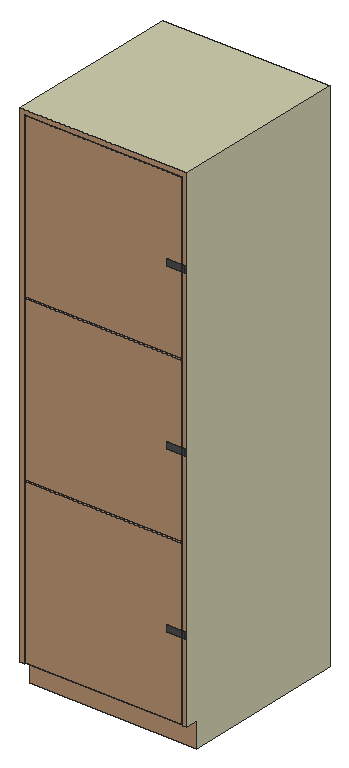
Revit family "Cabinet_Wenger_UltraStor_10", category Furniture, Revit 2015
Parameters (values of type "UltraStor Cabinet #10 - Comp Wood Doors")
  URL = "https://www.wengercorp.com/"
  Type Comments = ""
  Specification = "http://www.arcat.com/sdspecs/htm04/12_35_83wen.htm"
  Shelf Thickness = 0' - 1 1/8"
  Sales Information = "https://www.wengercorp.com/contact-us.php"
  Revision = "R1_2018-04"
  Rear Panel Thickness = 0' - 0 3/4"
  Product Data = "http://www.arcat.com/arcatcos/cos36/arc36487.html"
  Manufacturer Website = "https://www.wengercorp.com/"
  Manufacturer Phone - Toll Free = "800-4WENGER"
  Manufacturer Phone = "(507) 455-4100"
  Manufacturer Fax = "(507) 455-4258"
  Manufacturer Address = "555 Park Dr., Owatonna, MN 55060"
  Keynote = "12 35 83"
  HasDoors = yes
  Green Building-LEED = "http://www.arcat.com/green/clients/leed_data_36487.html"
  Drawn By = "Sumex Design, Inc. / Robert S. Weygant, CSI, CDT, SCIP"
  Door Width = (Cabinet Width - 0' 3") / 3  # 0' - 8.16667"
  Door Style = Door_Base : Solid Door
  Door Material [instance] = Wenger Cherry (Use Cherry Edge Band Only)
  Door Height = (Cabinet Height - 0' 4 3/4") / 5  # 1' - 4.175"
  Toe Kick Material [instance] = Wenger Cherry (Use Cherry Edge Band Only)
  RH End Panel [instance] = no
  Model = "#10"
  Manufacturer = "Wenger Corporation"
  LH End Panel [instance] = no
  End Panel Material [instance] = Wenger Cherry (Use Cherry Edge Band Only)
  Edge Banding Material [instance] = Wenger Cherry (Use Cherry Edge Band Only)
  Cost = 0
  Copyright = "© 2018 Arcat Inc."
  Construction Details = "http://www.arcat.com/details/wengerco/wengerco.html?coid=36487"
  Body Material [instance] = Wenger - Oyster
  Description = "Wenger UltraStor Cabinet #10 - Comp Wood Doors"
  Cabinet Width = 2' - 3 1/2"
  Cabinet Height = 7' - 1 5/8"
  Installed Depth = 2' - 5 1/4"
  Cabinet Panel Thickness = 0' - 0 3/4"
  Assembly Code = "E2010200"
Types (14): name | Shelf Thickness | Rear Panel Thickness | HasDoors | Door Width | Door Style | Door Material | Model | Description | Cabinet Width | Installed Depth
  Acoustic Cabinet #10 - No Doors | 0' - 1.26667" | 0' - 3 1/4" | no | 0' - 8.16667" | Door_Base : Solid Door | none | "#10A" | "Wenger Acoustic Cabinet #10 - No Doors" | 2' - 3 1/2" | 2' - 7 3/4"
  Narrow Acoustic Cabinet #10 - No Doors | 0' - 1 1/8" | 0' - 3 1/4" | no | 0' - 6.16667" | Door_Base : Solid Door | none | "#10NA" | "Wenger Narrow Acoustic Cabinet #10 - No Doors" | 1' - 9 1/2" | 2' - 7 3/4"
  Narrow Acoustic Cabinet #10 - Comp Grille Doors | 0' - 1 1/8" | 0' - 3 1/4" | yes | 0' - 6.16667" | Door_Base : Bars | Painted Black | "#10NA" | "Wenger Narrow Acoustic Cabinet #10 - Comp Grille Doors" | 1' - 9 1/2" | 2' - 7 3/4"
  Acoustic Cabinet #10 - Comp Waterfall Grille Doors | 0' - 1 1/8" | 0' - 3 1/4" | yes | 0' - 8.16667" | Door_Base : Waterfall | Painted Black | "#10A" | "Wenger Acoustic Cabinet #10 - Comp Waterfall Grille Doors" | 2' - 3 1/2" | 2' - 7 3/4"
  Acoustic Cabinet #10 - Comp Grille Doors | 0' - 1 1/8" | 0' - 3 1/4" | yes | 0' - 8.16667" | Door_Base : Bars | Painted Black | "#10A" | "Wenger Acoustic Cabinet #10 - Comp Grille Doors" | 2' - 3 1/2" | 2' - 7 3/4"
  Narrow Acoustic Cabinet #10 - Comp Waterfall Grille Doors | 0' - 1 1/8" | 0' - 3 1/4" | yes | 0' - 6.16667" | Door_Base : Waterfall | Painted Black | "#10NA" | "Wenger Narrow Acoustic Cabinet #10 - Comp Waterfall Grille Doors" | 1' - 9 1/2" | 2' - 7 3/4"
  Narrow UltraStor Cabinet #10 - Comp Waterfall Grille Doors | 0' - 1 1/8" | 0' - 0 3/4" | yes | 0' - 6.16667" | Door_Base : Waterfall | Painted Black | "#10N" | "Wenger Narrow Cabinet #10 - Comp Waterfall Grille Doors" | 1' - 9 1/2" | 2' - 5 1/4"
  Narrow UltraStor Cabinet #10 - Comp Wood Doors | 0' - 1 1/8" | 0' - 0 3/4" | yes | 0' - 6.16667" | Door_Base : Solid Door | Wenger Cherry (Use Cherry Edge Band Only) | "#10N" | "Wenger Narrow Cabinet #10 - Comp Wood Doors" | 1' - 9 1/2" | 2' - 5 1/4"
  UltraStor Cabinet #10 - Comp Waterfall Grille Doors | 0' - 1 1/8" | 0' - 0 3/4" | yes | 0' - 8.16667" | Door_Base : Waterfall | Painted Black | "#10" | "Wenger UltraStor Cabinet #10 - Comp Waterfall Grille Doors" | 2' - 3 1/2" | 2' - 5 1/4"
  UltraStor Cabinet #10 - Comp Grille Doors | 0' - 1 1/8" | 0' - 0 3/4" | yes | 0' - 8.16667" | Door_Base : Bars | Painted Black | "#10" | "Wenger UltraStor Cabinet #10 - Comp Grille Doors" | 2' - 3 1/2" | 2' - 5 1/4"
  UltraStor Cabinet #10 - No Doors | 0' - 1.26667" | 0' - 0 3/4" | no | 0' - 8.16667" | Door_Base : Solid Door | none | "#10" | "Wenger UltraStor Cabinet #10 - No Doors" | 2' - 3 1/2" | 2' - 5 1/4"
  Narrow UltraStor Cabinet #10 - No Doors | 0' - 1 1/8" | 0' - 0 3/4" | no | 0' - 6.16667" | Door_Base : Solid Door | none | "#10N" | "Wenger Narrow Cabinet #10 - No Doors" | 1' - 9 1/2" | 2' - 5 1/4"
  Narrow UltraStor Cabinet #10 - Comp Grille Doors | 0' - 1 1/8" | 0' - 0 3/4" | yes | 0' - 6.16667" | Door_Base : Bars | Painted Black | "#10N" | "Wenger Narrow Cabinet #10 - Comp Grille Doors" | 1' - 9 1/2" | 2' - 5 1/4"
  UltraStor Cabinet #10 - Comp Wood Doors | 0' - 1 1/8" | 0' - 0 3/4" | yes | 0' - 8.16667" | Door_Base : Solid Door | Wenger Cherry (Use Cherry Edge Band Only) | "#10" | "Wenger UltraStor Cabinet #10 - Comp Wood Doors" | 2' - 3 1/2" | 2' - 5 1/4"
Reference planes (in)
  plane 1 "Front": y = 0
  plane 2: z = 0
  plane 3 "Left": x = 0
  plane 4 "Right": x = 27.5
  plane 5 "Back": y = 29.25
  plane 6 "Top": z = 85.625
  plane 7: z = 4
  plane 8: z = 30.95833
  plane 9: z = 57.91667
  plane 10: x = 0.75
  plane 11: x = 26.75
  plane 12: z = 84.875
  plane 13: x = 8.91667
  plane 14: x = 9.66667
  plane 15: x = 17.83333
  plane 16: x = 18.58333
  plane 17: y = 28.5
  plane 18: y = 2
  plane 19: y = 0.75
  plane 20: z = 32.08333
  plane 21: z = 59.04167
  plane 22: z = 5.125
Forms (in)
  Extrusion 1, solid, material "Wenger - Oyster" <- "Body Material"
    sketch origin (0, 0, 0) x (0, 1, 0) y (0, 0, 1)
      loop
        line (0, 85.625) -> (0, 4) -> (2, 4) -> (2, 0) -> (29.25, 0) -> (29.25, 85.625) -> (0, 85.625)
    from 0 to 27.5
  Extrusion 2, void
    sketch origin (0, 0, 0) x (0, 1, 0) y (0, 0, 1)
      loop
        line (-5.5, 84.875) -> (-5.5, 57.91667) -> (1.92236, 57.91667)
        arc (1.92236, 57.91667) -> (1.4983, 58.45738) -> (1.85997, 59.04167) r 0.60004
        line (1.85997, 59.04167) -> (28.5, 59.04167) -> (28.5, 84.875) -> (-5.5, 84.875)
    from 0.75 to 26.75
  Extrusion 3, void
    sketch origin (0, 0, 0) x (0, 1, 0) y (0, 0, 1)
      loop
        line (-5.5, 57.91667) -> (-5.5, 30.95833) -> (0.75, 30.95833)
        arc (0.75, 30.95833) -> (1.18296, 31.73421) -> (2, 32.08333) r 1.375
        line (2, 32.08333) -> (28.5, 32.08333) -> (28.5, 57.91667) -> (-5.5, 57.91667)
    from 0.75 to 26.75
  Extrusion 4, void
    sketch origin (0, 0, 0) x (0, 1, 0) y (0, 0, 1)
      loop
        line (0, 84.875) -> (0, 4) -> (0.0625, 4) -> (0.0625, 84.875) -> (0, 84.875)
    from 0.75 to 26.75
  Extrusion 5, void
    sketch origin (0, 0, 0) x (1, 0, 0) y (0, 0, 1)
      loop
        line (0.75, 30.95833) -> (0.75, 5.125) -> (26.75, 5.125) -> (26.75, 30.95833) -> (0.75, 30.95833)
    from -28.5 to 0
Cuts and joins
  Extrusion 2, Extrusion 3, Extrusion 4, Extrusion 5 cuts Extrusion 1
Lines and regions (in)
  Masking region 1
    outline origin (0, 0, 0) x (1, 0, 0) y (0, 1, 0)
      loop
        line (0, 29.25) -> (0, 0) -> (27.5, 0) -> (27.5, 29.25) -> (0, 29.25)
Dimensions and locks (in)
  "Cabinet Panel Thickness": plane 3 "Left" to plane 10
  "Cabinet Panel Thickness": plane 11 to plane 4 "Right"
  "Cabinet Panel Thickness": plane 5 "Back" to plane 17
  locked: plane 1 "Front" to plane 19 at 0.75
  locked: plane 1 "Front" to plane 18 at 2
  "Shelf Thickness": plane 20 to plane 8
  "Shelf Thickness": plane 21 to plane 9
  "Cabinet Panel Thickness": plane 6 "Top" to plane 12
  equal spacing: plane 12, plane 9, plane 8, plane 7
  "Shelf Thickness": plane 22 to plane 7
  "Cabinet Width": plane 3 "Left" to plane 4 "Right"
  locked: plane 7 to level at 4
  "Cabinet Height": plane 6 "Top" to level
  "Installed Depth": plane 1 "Front" to plane 5 "Back"
  "Door Width": plane 13 to plane 10
  "Door Width": plane 15 to plane 14
  "Door Width": plane 11 to plane 16
  plane 3 "Left" to plane 4 "Right" = 2' - 3 1/2"
  locked: plane 16 to plane 15 at 0.75
  equal spacing: plane 14, nested 2, plane 15
  equal spacing: plane 5 "Back", nested 2, plane 1 "Front"
  nested 5 to plane 4 "Right" = 1' - 1 3/4"
  aligned and locked: Extrusion 1 sketch curve to plane 6 "Top"
  aligned and locked: Extrusion 1 sketch curve to plane 5 "Back"
  aligned and locked: Extrusion 1 sketch curve to plane 1 "Front"
  aligned and locked: Extrusion 1 sketch curve to plane 7
  aligned and locked: Extrusion 1 sketch curve to plane 18
  aligned and locked: Extrusion 1 sketch curve to level
  aligned and locked: Extrusion 1 to plane 4 "Right"
  aligned and locked: Extrusion 1 to plane 3 "Left"
  aligned and locked: Extrusion 2 sketch curve to plane 12
  aligned and locked: Extrusion 2 sketch curve to plane 17
  aligned and locked: Extrusion 2 sketch curve to plane 9
  aligned and locked: Extrusion 2 sketch curve to plane 21
  aligned and locked: Extrusion 2 to plane 10
  aligned and locked: Extrusion 3 to plane 11
  aligned and locked: Extrusion 4 sketch curve to cut or joined group of Extrusion 1, Extrusion 2, Extrusion 3, Extrusion 4, Extrusion 5  (x3)
  aligned and locked: Extrusion 4 to plane 11
  aligned and locked: Extrusion 4 to plane 10
  aligned and locked: nested 3 to plane 10
  aligned and locked: nested 3 to plane 9
  aligned and locked: cut or joined group of Extrusion 1, Extrusion 2, Extrusion 3, Extrusion 4, Extrusion 5 to plane 11  (x2)
  aligned and locked: plane 9 to cut or joined group of Extrusion 1, Extrusion 2, Extrusion 3, Extrusion 4, Extrusion 5
  aligned and locked: nested 4 to plane 8
  aligned and locked: nested 4 to plane 10
  aligned and locked: nested 5 to plane 10
  aligned and locked: plane 7 to cut or joined group of Extrusion 1, Extrusion 2, Extrusion 3, Extrusion 4, Extrusion 5
  aligned and locked: nested 5 to plane 7
  aligned and locked: plane 1 "Front" to nested 6
  aligned and locked: nested 6 to level
  aligned and locked: nested 6 to plane 4 "Right"
  aligned and locked: Masking region 1 sketch curve to plane 5 "Back"
  aligned and locked: Masking region 1 sketch curve to plane 1 "Front"
  aligned and locked: plane 3 "Left" to Masking region 1 sketch curve
  aligned and locked: plane 4 "Right" to Masking region 1 sketch curve
  aligned and locked: plane 8 to nested 5
  aligned and locked: nested 5 to plane 11
  aligned and locked: Extrusion 5 sketch curve to nested 5  (x2)
  aligned and locked: plane 22 to Extrusion 5 sketch curve
  aligned and locked: plane 11 to Extrusion 5 sketch curve
  aligned and locked: plane 17 to Extrusion 5
  aligned and locked: plane 1 "Front" to Extrusion 5
  aligned and locked: Extrusion 3 to plane 10
  aligned and locked: plane 9 to nested 4
  aligned and locked: nested 4 to plane 11
  aligned and locked: nested 3 to plane 11
Automatic sketch dimensions
  plane 19 to Extrusion 4 sketch curve = 0' - 0 11/16"
  Extrusion 3 sketch curve to plane 8 = 0' - 0"
  Extrusion 3 sketch curve to plane 19 = 0' - 0"
  Extrusion 3 sketch curve to plane 18 = 0' - 0"
  Extrusion 3 sketch curve to plane 17 = 0' - 0"
  plane 1 "Front" to Extrusion 3 sketch curve = 0' - 5 1/2"
  Extrusion 3 sketch curve to plane 18 = 0' - 0.10279"
  plane 18 to Extrusion 2 sketch curve = 0' - 0.14003"
  plane 1 "Front" to Extrusion 2 sketch curve = 0' - 5 1/2"
  Extrusion 2 sketch curve to plane 18 = 0' - 0.09742"
  Extrusion 2 sketch curve to plane 19 = 0' - 1.17236"
  Extrusion 3 sketch curve to plane 9 = 0' - 0"
  Extrusion 3 sketch curve to plane 20 = 0' - 0"
Nested families (in)
  nested 1: "End Panel" at (0, 14.25, 0) x (0, -1, 0) z (0, 0, 1), End Panel Material <- "End Panel Material", visible <- "LH End Panel", Edge Banding Material <- "Edge Banding Material", type "End Panel"
    with End Panel Material Wenger Cherry (Use Cherry Edge Band Only), Edge Banding Material Wenger Cherry (Use Cherry Edge Band Only), End Panel Depth 2' - 5 1/4"
  nested 2: "Labels" at (13.75, 14.625, 0), type "Labels"
  nested 3: "Door_Base" at (13.75, 0, 57.91667) x (1, 0, 0) z (0, -1, 0), type <- "Door Style", visible <- "HasDoors", type "Solid Door", detail levels medium+fine
    with vBars 24, Width 2' - 2", ToeKick Height 0' - 4", MidBar no, Height 2' - 2.95833", BarHt 2' - 2.45833", 2HzBars no
  nested 4: "Door_Base" at (13.75, 0, 30.95833) x (1, 0, 0) z (0, -1, 0), type <- "Door Style", visible <- "HasDoors", type "Solid Door", detail levels medium+fine
    with vBars 24, Width 2' - 2", ToeKick Height 0' - 4", MidBar no, Height 2' - 2.95833", BarHt 2' - 2.45833", 2HzBars no
  nested 5: "Door_Base" at (13.75, 0, 4) x (1, 0, 0) z (0, -1, 0), type <- "Door Style", visible <- "HasDoors", type "Solid Door", detail levels medium+fine
    with vBars 24, Width 2' - 2", ToeKick Height 0' - 4", MidBar no, Height 2' - 2.95833", BarHt 2' - 2.45833", 2HzBars no
  nested 6: "End Panel" at (28.25, 14.25, 0) x (0, -1, 0) z (0, 0, 1), End Panel Material <- "End Panel Material", Edge Banding Material <- "Edge Banding Material", visible <- "RH End Panel", type "End Panel"
    with End Panel Material Wenger Cherry (Use Cherry Edge Band Only), Edge Banding Material Wenger Cherry (Use Cherry Edge Band Only), End Panel Depth 2' - 5 1/4"
Definition of nested family "End Panel"
  Parameters (values of type "End Panel")
    End Panel Material [instance] = none
    End Panel Height = 7' - 1 5/8"
    End Panel Depth = 1' - 9 3/4"
    Edge Banding Material [instance] = none
    Default Elevation = 4' - 0"
    Assembly Code = ""
  Reference planes (in)
    plane 1 "Center (Front/Back)": y = 0
    plane 2: z = 0
    plane 3 "Center (Left/Right)": x = 0
    plane 4: x = -15
    plane 5: x = 6.75
    plane 6: z = 4
    plane 7: x = 4.75
    plane 8: z = 85.625
    plane 9: y = -0.75
  Forms (in)
    Extrusion 1, solid, material <- "End Panel Material"
      sketch origin (0, 0, 0) x (1, 0, 0) y (0, 0, 1)
        loop
          line (-15, 85.625) -> (-15, 0) -> (4.75, 0) -> (4.75, 4) -> (6.75, 4) -> (6.75, 85.625) -> (-15, 85.625)
      from 0 to 0.75
  Lines and regions (in)
    Masking region 1, detail levels coarse+medium
      outline origin (0, 0, 0) x (1, 0, 0) y (0, 1, 0)
        loop
          line (-15, 0) -> (-15, -0.75) -> (6.75, -0.75) -> (6.75, 0) -> (-15, 0)
  Dimensions and locks (in)
    locked: plane 7 to plane 5 at 2
    locked: plane 6 to level at 4
    "End Panel Height": plane 8 to level
    "End Panel Depth": plane 5 to plane 4
    locked: plane 9 to plane 1 "Center (Front/Back)" at 0.75
    aligned and locked: plane 4 to Extrusion 1 sketch curve
    aligned and locked: level to Extrusion 1 sketch curve
    aligned and locked: plane 7 to Extrusion 1 sketch curve
    aligned and locked: plane 6 to Extrusion 1 sketch curve
    aligned and locked: Extrusion 1 sketch curve to plane 5
    aligned and locked: Extrusion 1 sketch curve to plane 8
    aligned and locked: Extrusion 1 to plane 9
    aligned and locked: Extrusion 1 to plane 1 "Center (Front/Back)"
    aligned and locked: plane 4 to Masking region 1 sketch curve
    aligned and locked: Masking region 1 sketch curve to plane 5
    aligned and locked: plane 1 "Center (Front/Back)" to Masking region 1 sketch curve
    aligned and locked: plane 9 to Masking region 1 sketch curve
Definition of nested family "Door_Base"
  Parameters (values of type "None")
    vBars [instance] = (Width - 0' 2") / 0' 1"  # 6
    Width [instance] = 0' - 8"
    ToeKick Height [instance] = 0' - 4"
    Thickness = 0' - 0 3/4"
    Solid Door = no
    Shelf Thickness = 0' - 0 3/4"
    Panel Thickness = 0' - 0 3/4"
    MidBar [instance] = and(Height < 1' 6", HasDoor, not(Solid Door))  # no
    Height [instance] = 1' - 2 5/8"
    HasDoor = no
    Edge Banding = none
    DoorGap = 0' - 0 1/8"
    Door Finish = none
    Depth = 2' - 0"
    Default Elevation = 4' - 0"
    Bars = no
    BarStyle = Bars : Waterfall
    BarHt [instance] = Height - 0' 0 1/2"  # 1' - 2 1/8"
    2HzBars [instance] = and(Height > 1' 6", not(Solid Door))  # no
  Types (4): name | Thickness | Solid Door | MidBar | HasDoor | Bars | BarStyle
    Solid Door | 0' - 0 3/4" | yes | no | yes | no | Bars : Waterfall
    Bars | 0' - 0 1/4" | no | yes | yes | yes | Bars : Straight
    Waterfall | 0' - 0 3/4" | no | yes | yes | yes | Bars : Waterfall
    None | 0' - 0 3/4" | no | no | no | no | Bars : Waterfall
  Reference planes (in)
    plane 1 "Center (Front/Back)": y = 0
    plane 2: z = 0
    plane 3 "Center (Left/Right)": x = 0
    plane 4: x = -4
    plane 5: y = 14.625
    plane 6: x = 4
    plane 7: z = -0.75
    plane 8: x = -3.875
    plane 9: x = 3.875
    plane 10: y = 0.125
    plane 11: y = 14.5
    plane 12: y = -0.75
    plane 13 "CL Elev": y = 7.3125
    plane 14: x = -3.75
    plane 15: x = 3.75
    plane 16 "BtmRail": y = 0.25
    plane 17: y = 14.375
    plane 18: z = -0.125
    plane 19: x = -2.75
    plane 20: x = 2.75
    plane 21: y = 9.66667
    plane 22: y = 4.95833
  Forms (in)
    Extrusion 1, solid, material <- "Door Finish", visible <- "Solid Door", detail levels medium+fine
      sketch origin (0, 0, 0) x (1, 0, 0) y (0, 1, 0)
        loop
          arc (-3.75, 14.5) -> (-3.83839, 14.46339) -> (-3.875, 14.375) r 0.125
          line (-3.875, 14.375) -> (-3.875, 0.25)
          arc (-3.875, 0.25) -> (-3.83839, 0.16161) -> (-3.75, 0.125) r 0.125
          line (-3.75, 0.125) -> (3.75, 0.125)
          arc (3.75, 0.125) -> (3.83839, 0.16161) -> (3.875, 0.25) r 0.125
          line (3.875, 0.25) -> (3.875, 14.375)
          arc (3.875, 14.375) -> (3.83839, 14.46339) -> (3.75, 14.5) r 0.125
          line (3.75, 14.5) -> (-3.75, 14.5)
      from 0 to -0.75
    Sweep 2, solid, material <- "Door Finish", visible <- "Bars", detail levels medium+fine
      path origin (0, 0, 0) x (1, 0, 0) y (0, 1, 0)
        loop
          arc (-3.125, 14.5) -> (-3.65533, 14.28033) -> (-3.875, 13.75) r 0.75
          line (-3.875, 13.75) -> (-3.875, 0.875)
          arc (-3.875, 0.875) -> (-3.65533, 0.34467) -> (-3.125, 0.125) r 0.75
          line (-3.125, 0.125) -> (3.125, 0.125)
          arc (3.125, 0.125) -> (3.65533, 0.34467) -> (3.875, 0.875) r 0.75
          line (3.875, 0.875) -> (3.875, 13.75)
          arc (3.875, 13.75) -> (3.65533, 14.28033) -> (3.125, 14.5) r 0.75
          line (3.125, 14.5) -> (-3.125, 14.5)
      profile origin (0, 14.5, 0) x (0, 1, 0) y (0, 0, 1)
        loop
          circle (-0.125, -0.125) r 0.125
    Extrusion 3, solid, material <- "Door Finish", visible <- "MidBar", detail levels medium+fine
      sketch origin (0, 0, 0) x (0, 1, 0) y (0, 0, 1)
        loop
          circle (7.3125, -0.125) r 0.125
      from -3.75 to 3.75
    Extrusion 4, solid, visible <- "HasDoor", detail levels fine
      sketch origin (0, 0, 0) x (1, 0, 0) y (0, 1, 0)
        loop
          line (1.5, 7.8125) -> (1.5, 6.8125) -> (4.5, 6.8125) -> (4.5, 7.8125) -> (1.5, 7.8125)
      from 0 to 0.125
    Extrusion 5, solid, material <- "Door Finish", visible <- "2HzBars", detail levels medium+fine
      sketch origin (0, 0, 0) x (0, 1, 0) y (0, 0, 1)
        loop
          circle (9.66667, -0.125) r 0.125
        loop
          circle (4.95833, -0.125) r 0.125
      from -3.75 to 3.75
  Lines and regions (in)
    symbolic lines, visible <- "HasDoor", detail levels medium+fine
      curve 1: line (4, 0.25, 0) -> (-4, 0.25, 0)
      curve 2: line (-4, 0.25, 0) -> (-4, 0.25, 8)
      curve 3: arc (4, 0.25, 0) -> (1.65685, 0.25, 5.65685) -> (-4, 0.25, 8) r 8
    symbolic lines, visible <- "HasDoor"
      curve 4: line (3.875, 0.25, 0) -> (3.875, 0.25, -0.75)
      curve 5: line (3.875, 0.25, -0.75) -> (-3.875, 0.25, -0.75)
      curve 6: line (-3.875, 0.25, -0.75) -> (-3.875, 0.25, 0)
    symbolic lines, detail levels medium
      curve 7: line (3.875, 14.5, 0) -> (-3.875, 7.3125, 0)
      curve 8: line (-3.875, 7.3125, 0) -> (3.875, 0.125, 0)
  Dimensions and locks (in)
    "Height": plane 1 "Center (Front/Back)" to plane 5
    "Thickness": level to plane 7
    equal spacing: plane 4, plane 3 "Center (Left/Right)", plane 6
    "Width": plane 4 to plane 6
    "DoorGap": plane 5 to plane 11
    "DoorGap": plane 9 to plane 6
    "DoorGap": plane 4 to plane 8
    "DoorGap": plane 1 "Center (Front/Back)" to plane 10
    "Shelf Thickness": plane 1 "Center (Front/Back)" to plane 12
    equal spacing: plane 1 "Center (Front/Back)", plane 13 "CL Elev", plane 5
    locked: plane 15 to plane 9 at 0.125
    locked: plane 8 to plane 14 at 0.125
    locked: plane 11 to plane 17 at 0.125
    locked: plane 16 "BtmRail" to plane 10 at 0.125
    locked: level to plane 18 at 0.125
    plane 19 to plane 14 = 0' - 1"
    locked: plane 15 to plane 20 at 1
    Extrusion 4 sketch curve to plane 13 "CL Elev" to Extrusion 4 sketch curve = 0' - 0 1/2" locked, 0' - 0 1/2" locked
    locked: plane 6 to Extrusion 4 sketch curve at 0.5
    locked: Extrusion 4 sketch curve to plane 6 at 2.5
    locked: Extrusion 4 to level at 0.125
    equal spacing: group 1, group 3, group 4, group 5, group 6, group 2  (x3)
    equal spacing: plane 17, plane 21, plane 22, plane 16 "BtmRail"
    "Width": radius of curve 3
    aligned and locked: plane 2 to level
    aligned and locked: Extrusion 1 sketch curve to plane 11
    aligned and locked: plane 8 to Extrusion 1 sketch curve
    aligned and locked: Extrusion 1 sketch curve to plane 9
    aligned and locked: plane 10 to Extrusion 1 sketch curve
    aligned and locked: Extrusion 1 to plane 7
    aligned and locked: level to Extrusion 1
    aligned and locked: Sweep 2 sketch curve to plane 11
    aligned and locked: plane 8 to Sweep 2 sketch curve
    aligned and locked: plane 10 to Sweep 2 sketch curve
    aligned and locked: Sweep 2 sketch curve to plane 9
    aligned and locked: plane 15 to Extrusion 3
    aligned and locked: Extrusion 3 to plane 14
    aligned and locked: plane 20 to nested 2
    aligned and locked: plane 19 to nested 1
    aligned and locked: plane 21 to Extrusion 5 sketch curve
    aligned and locked: plane 18 to Extrusion 5 sketch curve  (x2)
    aligned and locked: plane 22 to Extrusion 5 sketch curve
    aligned and locked: Extrusion 5 to Extrusion 3  (x2)
    aligned and locked: plane 4 to curve 3  (x2)
    aligned and locked: level to curve 3
    aligned and locked: plane 7 to curve 5
    aligned and locked: Extrusion 1 to plane 8
    aligned and locked: plane 9 to Extrusion 1
    aligned and locked: plane 10 to curve 8
    aligned and locked: plane 9 to curve 8
    aligned and locked: plane 13 "CL Elev" to curve 8
    aligned and locked: plane 11 to curve 7
    aligned and locked: plane 9 to curve 7
  Automatic sketch dimensions
    plane 8 to Sweep 2 sketch curve = 0' - 0 3/4"  (x2)
    Sweep 2 sketch curve to plane 9 = 0' - 0 3/4"
    Sweep 2 sketch curve to Sweep 2 sketch curve = 0' - 0 3/4"
    Sweep 2 sketch curve to level = 0' - 0 1/8"
    profile plane to Sweep 2 sketch curve = 0' - 0 1/8"
    Extrusion 3 sketch curve to level = 0' - 0 1/8"
    Extrusion 3 sketch curve to plane 13 "CL Elev" = 0' - 0"
    curve 8 to plane 8 = 0' - 0"
    Extrusion 1 sketch curve to plane 14 = 0' - 0"  (x2)
    Extrusion 1 sketch curve to plane 15 = 0' - 0"  (x2)
    curve 5 to plane 9 = 0' - 0"
    curve 6 to plane 8 = 0' - 0"
    radius of Sweep 2 sketch curve = 0' - 0 1/8"
    radius of Extrusion 3 sketch curve = 0' - 0 1/8"
    radius of Extrusion 5 sketch curve = 0' - 0 1/8"  (x2)
  Nested families (in)
    nested 1: "Bars" at (-2.75, 0.25, -0.125) x (1, 0, 0) z (0, 1, 0), type <- "BarStyle", visible <- "Bars", type "Waterfall", detail levels fine
      with Lateral Deviation 0' - 1", Height 1' - 2 1/8"
    nested 2: "Bars" at (2.75, 0.25, -0.125) x (1, 0, 0) z (0, 1, 0), type <- "BarStyle", visible <- "Bars", type "Waterfall", detail levels fine
      with Lateral Deviation 0' - 1", Height 1' - 2 1/8"
    nested 3: "Bars" at (-1.65, 0.25, -0.125) x (1, 0, 0) z (0, 1, 0), type <- "BarStyle", visible <- "Bars", type "Waterfall", detail levels fine
      with Lateral Deviation 0' - 1", Height 1' - 2 1/8"
    nested 4: "Bars" at (-0.55, 0.25, -0.125) x (1, 0, 0) z (0, 1, 0), type <- "BarStyle", visible <- "Bars", type "Waterfall", detail levels fine
      with Lateral Deviation 0' - 1", Height 1' - 2 1/8"
    nested 5: "Bars" at (0.55, 0.25, -0.125) x (1, 0, 0) z (0, 1, 0), type <- "BarStyle", visible <- "Bars", type "Waterfall", detail levels fine
      with Lateral Deviation 0' - 1", Height 1' - 2 1/8"
    nested 6: "Bars" at (1.65, 0.25, -0.125) x (1, 0, 0) z (0, 1, 0), type <- "BarStyle", visible <- "Bars", type "Waterfall", detail levels fine
      with Lateral Deviation 0' - 1", Height 1' - 2 1/8"
  Definition of nested family "Bars"
    Parameters (values of type "Straight")
      WaterFall = no
      Straight = yes
      Lateral Deviation = 0' - 1 1/2"
      Height = 1' - 2 5/8"
      Default Elevation = 4' - 0"
      Bars = none
    Types (3): name | WaterFall | Straight
      (no name) | no | yes
      Waterfall | yes | no
      Straight | no | yes
    Reference planes (in)
      plane 1 "Center (Front/Back)": y = 0
      plane 2: z = 0
      plane 3 "Center (Left/Right)": x = 0
      plane 4: z = 14.625
      plane 5: z = 7.3125
      plane 6: x = 0.75
      plane 7: x = -0.75
      plane 8: z = 10.96875
      plane 9: z = 3.65625
    Forms (in)
      Sweep 1, solid, material <- "Bars", visible <- "WaterFall"
        path origin (0, 0, 0) x (1, 0, 0) y (0, 0, 1)
          loop
            arc (0, 0) -> (0.56057, 1.79006) -> (0.75, 3.65625) r 9.28711
            arc (0.75, 3.65625) -> (0.56057, 5.52244) -> (0, 7.3125) r 9.28711
        profile origin (0.56057, 0, 1.79006) x (-0.979603, 0, 0.200944) y (0, -1, 0)
          loop
            circle (0, 0) r 0.0625
      Sweep 2, solid, material <- "Bars", visible <- "WaterFall"
        path origin (0, 0, 14.625) x (-1, 0, 0) y (0, 0, -1)
          loop
            arc (0, 0) -> (0.56057, 1.79006) -> (0.75, 3.65625) r 9.28711
            arc (0.75, 3.65625) -> (0.56057, 5.52244) -> (0, 7.3125) r 9.28711
        profile origin (-0.56057, 0, 12.83494) x (0.979603, 0, -0.200944) y (0, -1, 0)
          loop
            circle (0, 0) r 0.0625
      Extrusion 3, solid, material <- "Bars", visible <- "Straight"
        sketch origin (0, 0, 0) x (1, 0, 0) y (0, 1, 0)
          loop
            circle (0, 0) r 0.0625
        from 0 to 14.625
    Dimensions and locks (in)
      "Height": plane 4 to level
      equal spacing: plane 6, plane 3 "Center (Left/Right)", plane 7
      "Lateral Deviation": plane 6 to plane 7
      equal spacing: plane 4, plane 8, plane 5, plane 9, level
      aligned and locked: plane 2 to level
      aligned and locked: plane 3 "Center (Left/Right)" to Sweep 1 sketch curve  (x2)
      aligned and locked: level to Sweep 1 sketch curve
      aligned and locked: plane 6 to Sweep 1 sketch curve
      aligned and locked: plane 9 to Sweep 1 sketch curve
      aligned and locked: plane 4 to Sweep 2 sketch curve
      aligned and locked: plane 3 "Center (Left/Right)" to Sweep 2 sketch curve  (x2)
      aligned and locked: plane 8 to Sweep 2 sketch curve
      aligned and locked: plane 7 to Sweep 2 sketch curve
      aligned and locked: plane 5 to Sweep 2 sketch curve
      aligned and locked: plane 4 to Extrusion 3
      aligned and locked: Extrusion 3 to level
    Automatic sketch dimensions
      plane 1 "Center (Front/Back)" to Sweep 1 sketch curve = 0' - 0"
      Sweep 1 sketch curve to profile plane = 0' - 0"
      Sweep 1 sketch curve to Sweep 1 sketch curve = 0' - 0"
      Sweep 2 sketch curve to plane 1 "Center (Front/Back)" = 0' - 0"
      Sweep 2 sketch curve to profile plane = 0' - 0"
      plane 1 "Center (Front/Back)" to Extrusion 3 sketch curve = 0' - 0"
      Extrusion 3 sketch curve to plane 3 "Center (Left/Right)" = 0' - 0"
      radius of Sweep 1 sketch curve = 0' - 0 1/16"
      radius of Sweep 2 sketch curve = 0' - 0 1/16"
      radius of Extrusion 3 sketch curve = 0' - 0 1/16"
Definition of nested family "Labels"
  Parameters
    Cabinet Label = "01"
  Reference planes (in)
    plane 1: y = 0
    plane 2: x = 0
  Text (in)
    label "xxxx" at (-0.00018, 0.00754, 0), shows "Cabinet Label"
